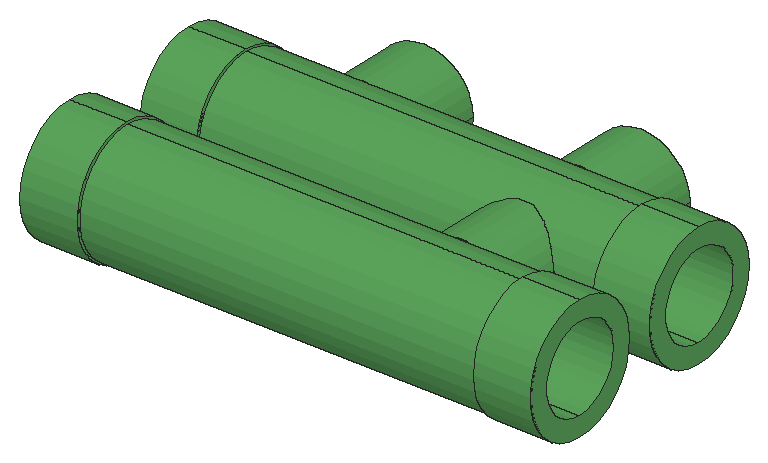
Revit family "Aquatherm_Распределительный блок", category Соединительные детали трубопроводов, Revit 2019
Family settings
  Размер круглого соединителя = Использовать диаметр
  Тип детали = Соединение
  На основе рабочей плоскости = Нет
  Всегда вертикально = Да
  При загрузке вырезать с полостями = Нет
  Общий = Нет
Parameters
  Материал_Корпус = AquaTherm green pipe
  l [instance] = 51 mm  # constant formula
  h2 [instance] = 45 mm  # constant formula
  h1 [instance] = 30 mm  # constant formula
  d1 [instance] = 20 mm
  URL = "www.agpipe.ru"
  L [instance] = 120 mm  # constant formula
  D1 [instance] = 28 mm  # constant formula
  D [instance] = 23 mm  # constant formula
  d [instance] = 16 mm
  ADSK_Примечание = ""
  ADSK_Позиция [instance] = ""
  ADSK_Обозначение = ""
  ADSK_Наименование [instance] = size_lookup("Распределительный блок", "ADSK_Наименование", "Нет в каталоге", d)  # "Распределительный блок DN16"
  ADSK_Масса_Текст [instance] = ""
  ADSK_Код изделия [instance] = size_lookup("Распределительный блок", "ADSK_Код изделия", "Нет в каталоге", d)  # "85123"
  ADSK_Завод-изготовитель = "Aquatherm"  # constant formula
  ADSK_Единица измерения = "шт."  # constant formula
Reference planes
  plane 1 "По центру (Вперед/Назад)": y = 0
  plane 2: z = 0
  plane 3 "По центру (Влево/Вправо)": x = 0
  plane 4: x = -60
  plane 5: x = 60
  plane 6: z = 45
  plane 7: z = -30
  plane 8: x = -25.5
  plane 9: x = 25.5
Forms (mm)
  Extrusion 1, solid, material "AquaTherm green pipe" <- "Материал_Корпус"
    sketch origin (0, 0, 0) x (0, 0, -1) y (0, 1, 0)
      loop
        circle (0, -16) r 14
      loop
        circle (0, 19) r 14
    from -60 to 60
  Extrusion 2, solid, material "AquaTherm green pipe" <- "Материал_Корпус"
    sketch origin (0, 0, 0) x (1, 0, 0) y (0, 0, -1)
      loop
        circle (-25.5, 0) r 11.5
      loop
        circle (-25.5, 0) r 8
    from 19 to 45
  Extrusion 3, solid, material "AquaTherm green pipe" <- "Материал_Корпус"
    sketch origin (0, 0, 0) x (-1, 0, 0) y (0, 0, 1)
      loop
        circle (-25.5, 0) r 11.5
      loop
        circle (-25.5, 0) r 8
    from -16 to 45
  Extrusion 4, solid, material "AquaTherm green pipe" <- "Материал_Корпус"
    sketch origin (0, 0, 0) x (0, 0, -1) y (0, 1, 0)
      loop
        circle (0, 19) r 14.5
      loop
        circle (0, -16) r 14.5
    from 46.549 to 60
  Extrusion 5, solid, material "AquaTherm green pipe" <- "Материал_Корпус"
    sketch origin (0, 0, 0) x (0, 0, -1) y (0, -1, 0)
      loop
        circle (0, -19) r 14.5
      loop
        circle (0, 16) r 14.5
    from 46.549 to 60
  Extrusion 6, void
    sketch origin (0, 0, 0) x (0, 0, -1) y (0, 1, 0)
      loop
        circle (0, 19) r 10
      loop
        circle (0, -16) r 10
    from -60 to 60
Cuts and joins
  Extrusion 6 cuts Extrusion 1
  Extrusion 6 cuts Extrusion 2
  Extrusion 6 cuts Extrusion 3
  Extrusion 6 cuts Extrusion 4
  Extrusion 6 cuts Extrusion 5
  joined: Extrusion 1, Extrusion 2, Extrusion 3, Extrusion 4, Extrusion 5
Dimensions and locks
  equal spacing: plane 4, plane 3 "По центру (Влево/Вправо)", plane 5
  "L": plane 4 to plane 5
  "h1": level to plane 7
  "h2": plane 6 to level
  equal spacing: plane 9, plane 3 "По центру (Влево/Вправо)", plane 8
  "l": plane 9 to plane 8
  "D1": diameter of Extrusion 1 sketch curve  (x2)
  "D": diameter of Extrusion 2 sketch curve
  "d": diameter of Extrusion 2 sketch curve
  "D": diameter of Extrusion 3 sketch curve
  "d": diameter of Extrusion 3 sketch curve
  "d1": diameter of Extrusion 6 sketch curve
  aligned and locked: level to plane 2
  aligned and locked: Extrusion 1 to plane 4
  aligned and locked: plane 5 to Extrusion 1
  aligned and locked: plane 5 to Extrusion 4
Automatic sketch dimensions
  Extrusion 4 sketch curve to level = 0 mm  (x2)
  plane 1 "По центру (Вперед/Назад)" to Extrusion 4 sketch curve = 16 mm
  Extrusion 4 sketch curve to plane 1 "По центру (Вперед/Назад)" = 19 mm
  Extrusion 5 sketch curve to level = 0 mm  (x2)
  Extrusion 5 sketch curve to plane 1 "По центру (Вперед/Назад)" = 19 mm
  plane 1 "По центру (Вперед/Назад)" to Extrusion 5 sketch curve = 16 mm
  Extrusion 1 sketch curve to level = 0 mm  (x2)
  plane 1 "По центру (Вперед/Назад)" to Extrusion 1 sketch curve = 16 mm
  Extrusion 1 sketch curve to plane 1 "По центру (Вперед/Назад)" = 19 mm
  Extrusion 2 sketch curve to Extrusion 2 sketch curve = 0 mm  (x2)
  Extrusion 2 sketch curve to level = 0 mm
  Extrusion 2 sketch curve to plane 8 = 0 mm
  Extrusion 3 sketch curve to Extrusion 3 sketch curve = 0 mm  (x2)
  Extrusion 3 sketch curve to level = 0 mm
  plane 9 to Extrusion 3 sketch curve = 0 mm
  Extrusion 6 sketch curve to level = 0 mm  (x2)
  plane 1 "По центру (Вперед/Назад)" to Extrusion 6 sketch curve = 16 mm
  Extrusion 6 sketch curve to plane 1 "По центру (Вперед/Назад)" = 19 mm
  radius of Extrusion 4 sketch curve = 14.5 mm  (x2)
  radius of Extrusion 5 sketch curve = 14.5 mm  (x2)
  radius of Extrusion 6 sketch curve = 10 mm
Connectors
  piping at (60, 19, 0), diameter 20, driven by "d1"
    settings: on cut or joined group of Extrusion 1, Extrusion 2, Extrusion 3, Extrusion 4, Extrusion 5, Extrusion 6, index 1, connector inside diameter 609.6 mm, connector length 0 mm, flow factor 0, pipe flow 0.0 L/s, pressure drop 0.0 Pa, fitting loss kfactor 0, connector angle 0.00°, fixture units 0, engagement length 0 mm, angle of deflection 0.00°, flow configuration 0, flow direction 2, fitting loss method 4, system type 7, joint type 0, gender type 0, connector reference index -1, connector utility 0, adjustable connector no, is connector primary yes, connector description ""
  piping at (60, -16, 0), diameter 20, driven by "d1"
    settings: on cut or joined group of Extrusion 1, Extrusion 2, Extrusion 3, Extrusion 4, Extrusion 5, Extrusion 6, index 2, connector inside diameter 609.6 mm, connector length 0 mm, flow factor 0, pipe flow 0.0 L/s, pressure drop 0.0 Pa, fitting loss kfactor 0, connector angle 0.00°, fixture units 0, engagement length 0 mm, angle of deflection 0.00°, flow configuration 0, flow direction 2, fitting loss method 4, system type 8, joint type 0, gender type 0, connector reference index -1, connector utility 0, adjustable connector no, is connector primary no, connector description ""
  piping at (-60, -16, 0), diameter 20, driven by "d1"
    settings: on cut or joined group of Extrusion 1, Extrusion 2, Extrusion 3, Extrusion 4, Extrusion 5, Extrusion 6, index 3, connector inside diameter 609.6 mm, connector length 0 mm, flow factor 0, pipe flow 0.0 L/s, pressure drop 0.0 Pa, fitting loss kfactor 0, connector angle 0.00°, fixture units 0, engagement length 0 mm, angle of deflection 0.00°, flow configuration 0, flow direction 1, fitting loss method 4, system type 8, joint type 0, gender type 0, connector reference index -1, connector utility 0, adjustable connector no, is connector primary no, connector description ""
  piping at (-60, 19, 0), diameter 20, driven by "d1"
    settings: on cut or joined group of Extrusion 1, Extrusion 2, Extrusion 3, Extrusion 4, Extrusion 5, Extrusion 6, index 4, connector inside diameter 609.6 mm, connector length 0 mm, flow factor 0, pipe flow 0.0 L/s, pressure drop 0.0 Pa, fitting loss kfactor 0, connector angle 0.00°, fixture units 0, engagement length 0 mm, angle of deflection 0.00°, flow configuration 0, flow direction 1, fitting loss method 4, system type 7, joint type 0, gender type 0, connector reference index -1, connector utility 0, adjustable connector no, is connector primary no, connector description ""
  piping at (-25.5, 45, 0), diameter 16, driven by "d"
    settings: on cut or joined group of Extrusion 1, Extrusion 2, Extrusion 3, Extrusion 4, Extrusion 5, Extrusion 6, index 5, connector inside diameter 609.6 mm, connector length 0 mm, flow factor 0, pipe flow 0.0 L/s, pressure drop 0.0 Pa, fitting loss kfactor 0, connector angle 0.00°, fixture units 0, engagement length 0 mm, angle of deflection 0.00°, flow configuration 0, flow direction 2, fitting loss method 4, system type 8, joint type 0, gender type 0, connector reference index -1, connector utility 0, adjustable connector no, is connector primary no, connector description ""
  piping at (25.5, 45, 0), diameter 16, driven by "d"
    settings: on cut or joined group of Extrusion 1, Extrusion 2, Extrusion 3, Extrusion 4, Extrusion 5, Extrusion 6, index 6, connector inside diameter 609.6 mm, connector length 0 mm, flow factor 0, pipe flow 0.0 L/s, pressure drop 0.0 Pa, fitting loss kfactor 0, connector angle 0.00°, fixture units 0, engagement length 0 mm, angle of deflection 0.00°, flow configuration 0, flow direction 2, fitting loss method 4, system type 7, joint type 0, gender type 0, connector reference index -1, connector utility 0, adjustable connector no, is connector primary no, connector description ""
